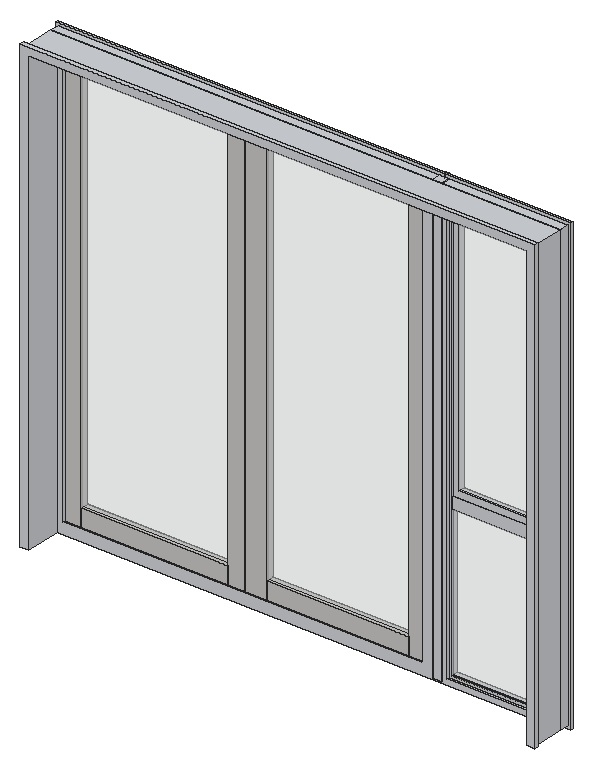
Revit family "APL Residential Thermal Heart French Door with Sidelight", category Doors, host Wall, Revit 2017 (continued)
Definition of nested family "APL Residential Thermal Heart French Door with Sidelight Vertical Section"
  Definition of nested family "Open Out Head&Sill"
    Definition of nested family "65310_Open Out Frame"
      Lines and regions (mm)
        model lines, in view "Ref. Level"
          curve 152: arc (-4.3, 23.9, 0) -> (-4.359, 24.041, 0) -> (-4.5, 24.1, 0) r 0.2
          curve 153: arc (-4.875, 24.1, 0) -> (-5.496, 24.182, 0) -> (-6.075, 24.422, 0) r 2.4
          curve 154: arc (-13.9, 27.9, 0) -> (-14.041, 27.841, 0) -> (-14.1, 27.7, 0) r 0.2
          curve 155: arc (-14.1, -0.131, 0) -> (-13.951, -0.808, 0) -> (-13.528, -1.359, 0) r 1.6
          curve 156: arc (-7.044, -6.8, 0) -> (-6.701, -6.916, 0) -> (-6.369, -6.77, 0) r 0.5
          curve 157: arc (-1.693, -2.094, 0) -> (-1.476, -1.769, 0) -> (-1.4, -1.386, 0) r 1
          curve 158: arc (-1.4, 3.2, 0) -> (-0.844, 4.544, 0) -> (0.5, 5.1, 0) r 1.9
          curve 159: arc (23.3, 5.1, 0) -> (23.441, 5.159, 0) -> (23.5, 5.3, 0) r 0.2
          curve 160: arc (23.5, 16.1, 0) -> (23.441, 16.241, 0) -> (23.3, 16.3, 0) r 0.2
          curve 161: arc (18.3, 16.3, 0) -> (18.159, 16.359, 0) -> (18.1, 16.5, 0) r 0.2
          curve 162: arc (18.1, 17.7, 0) -> (18.159, 17.841, 0) -> (18.3, 17.9, 0) r 0.2
          curve 163: arc (23.3, 17.9, 0) -> (23.441, 17.959, 0) -> (23.5, 18.1, 0) r 0.2
          curve 164: arc (23.5, 23.9, 0) -> (23.441, 24.041, 0) -> (23.3, 24.1, 0) r 0.2
          curve 165: arc (16.301, 24.1, 0) -> (16.159, 24.042, 0) -> (16.1, 23.9, 0) r 0.2
          curve 166: arc (16.1, 23.3, 0) -> (16.041, 23.159, 0) -> (15.9, 23.1, 0) r 0.2
          curve 167: arc (11.3, 23.1, 0) -> (11.159, 23.159, 0) -> (11.1, 23.3, 0) r 0.2
          curve 168: arc (11.1, 23.9, 0) -> (11.041, 24.041, 0) -> (10.9, 24.1, 0) r 0.2
          curve 169: arc (2.7, 24.1, 0) -> (2.559, 24.041, 0) -> (2.5, 23.9, 0) r 0.2
          curve 170: arc (2.5, 16.5, 0) -> (2.441, 16.359, 0) -> (2.3, 16.3, 0) r 0.2
          curve 171: arc (1.3, 16.3, 0) -> (1.159, 16.359, 0) -> (1.1, 16.5, 0) r 0.2
          curve 172: arc (1.1, 22.9, 0) -> (1.041, 23.041, 0) -> (0.9, 23.1, 0) r 0.2
          curve 173: arc (26.317, 25.5, 0) -> (26.622, 25.301, 0) -> (26.895, 25.543, 0) r 0.3
          curve 174: arc (26.895, 25.543, 0) -> (26.961, 25.681, 0) -> (27.087, 25.768, 0) r 0.3
          curve 175: arc (28.497, 26.282, 0) -> (28.783, 26.238, 0) -> (28.899, 25.974, 0) r 0.3
          curve 176: arc (28.692, 23.608, 0) -> (28.665, 23.508, 0) -> (28.605, 23.422, 0) r 0.3
          curve 177: arc (28.241, 23.059, 0) -> (28.048, 23.007, 0) -> (27.907, 23.148, 0) r 0.2
          curve 178: arc (27.862, 23.316, 0) -> (27.81, 23.405, 0) -> (27.721, 23.457, 0) r 0.2
          curve 179: arc (25.5, 24, 0) -> (25.22, 23.807, 0) -> (25.3, 23.476, 0) r 0.3
          curve 180: arc (25.3, 23.476, 0) -> (25.374, 23.375, 0) -> (25.4, 23.253, 0) r 0.3
          curve 181: arc (25.206, 19.25, 0) -> (25.242, 19.078, 0) -> (25.4, 19, 0) r 0.2
          curve 182: arc (25.921, 19, 0) -> (26.002, 19.011, 0) -> (26.077, 19.044, 0) r 0.3
          curve 183: arc (27.331, 19.809, 0) -> (27.328, 19.979, 0) -> (27.434, 20.111, 0) r 0.25
          curve 184: arc (27.52, 20.163, 0) -> (27.75, 20.179, 0) -> (27.895, 20, 0) r 0.25
          curve 185: arc (28.145, 20, 0) -> (28.286, 19.941, 0) -> (28.345, 19.8, 0) r 0.2
          curve 186: arc (28.345, 18.984, 0) -> (28.298, 18.772, 0) -> (28.165, 18.6, 0) r 0.5
          curve 187: arc (25.58, 16.446, 0) -> (25.447, 16.274, 0) -> (25.4, 16.062, 0) r 0.5
          curve 188: arc (25.4, 12.438, 0) -> (25.447, 12.226, 0) -> (25.58, 12.054, 0) r 0.5
          curve 189: arc (28.165, 9.9, 0) -> (28.298, 9.728, 0) -> (28.345, 9.516, 0) r 0.5
          curve 190: arc (28.345, 8.7, 0) -> (28.286, 8.559, 0) -> (28.145, 8.5, 0) r 0.2
          curve 191: arc (27.895, 8.5, 0) -> (27.75, 8.321, 0) -> (27.52, 8.337, 0) r 0.25
          curve 192: arc (27.434, 8.389, 0) -> (27.328, 8.521, 0) -> (27.331, 8.691, 0) r 0.25
          curve 193: arc (26.078, 9.456, 0) -> (26.002, 9.489, 0) -> (25.921, 9.5, 0) r 0.3
          curve 194: arc (25.4, 9.5, 0) -> (25.242, 9.422, 0) -> (25.206, 9.25, 0) r 0.2
          curve 195: arc (25.4, 5.247, 0) -> (25.374, 5.125, 0) -> (25.3, 5.024, 0) r 0.3
          curve 196: arc (25.3, 5.024, 0) -> (25.22, 4.693, 0) -> (25.5, 4.5, 0) r 0.3
          curve 197: arc (27.721, 5.043, 0) -> (27.81, 5.095, 0) -> (27.862, 5.184, 0) r 0.2
          curve 198: arc (27.907, 5.352, 0) -> (28.048, 5.493, 0) -> (28.241, 5.441, 0) r 0.2
          curve 199: arc (28.605, 5.078, 0) -> (28.665, 4.992, 0) -> (28.692, 4.892, 0) r 0.3
          curve 200: arc (28.899, 2.526, 0) -> (28.783, 2.262, 0) -> (28.497, 2.218, 0) r 0.3
          curve 201: arc (27.087, 2.732, 0) -> (26.961, 2.819, 0) -> (26.895, 2.957, 0) r 0.3
          curve 202: arc (26.895, 2.957, 0) -> (26.622, 3.199, 0) -> (26.317, 3, 0) r 0.3
          curve 203: arc (24, 3, 0) -> (23.704, 3.097, 0) -> (23.523, 3.35, 0) r 0.5
          curve 204: arc (23.523, 3.35, 0) -> (23.342, 3.603, 0) -> (23.046, 3.7, 0) r 0.5
          curve 205: arc (0.5, 3.7, 0) -> (0.146, 3.554, 0) -> (0, 3.2, 0) r 0.5
          curve 206: arc (0, -1.801, 0) -> (-0.107, -2.336, 0) -> (-0.41, -2.791, 0) r 1.4
          curve 207: arc (-5.407, -7.787, 0) -> (-5.624, -8.112, 0) -> (-5.7, -8.495, 0) r 1
          curve 208: arc (-5.7, -14.159, 0) -> (-5.623, -14.316, 0) -> (-5.452, -14.353, 0) r 0.2
          curve 209: arc (-5.452, -14.353, 0) -> (-4.643, -14.677, 0) -> (-4.687, -15.548, 0) r 0.75
          curve 210: arc (-4.687, -15.548, 0) -> (-5.025, -16.505, 0) -> (-4.687, -17.462, 0) r 1.525
          curve 211: arc (-4.687, -17.462, 0) -> (-4.594, -17.613, 0) -> (-4.539, -17.781, 0) r 0.75
          curve 212: arc (-4.539, -17.781, 0) -> (-4.442, -17.992, 0) -> (-4.26, -18.136, 0) r 0.5
          curve 213: arc (-4.26, -18.136, 0) -> (-3.5, -18.305, 0) -> (-2.74, -18.137, 0) r 1.8
          curve 214: arc (-2.74, -18.137, 0) -> (-2.558, -17.992, 0) -> (-2.461, -17.78, 0) r 0.5
          curve 215: arc (-2.461, -17.78, 0) -> (-2.406, -17.612, 0) -> (-2.312, -17.461, 0) r 0.737
          curve 216: arc (-2.312, -17.461, 0) -> (-1.975, -16.505, 0) -> (-2.312, -15.549, 0) r 1.525
          curve 217: arc (-2.312, -15.549, 0) -> (-2.2, -14.512, 0) -> (-1.163, -14.624, 0) r 0.737
          curve 218: arc (-1.163, -14.624, 0) -> (-0.507, -16.296, 0) -> (-0.924, -18.044, 0) r 3
          curve 219: arc (-0.924, -18.044, 0) -> (-0.93, -18.547, 0) -> (-0.495, -18.8, 0) r 0.5
          curve 220: arc (-0.2, -18.8, 0) -> (-0.059, -18.859, 0) -> (0, -19, 0) r 0.2
          curve 221: arc (0, -19.8, 0) -> (-0.059, -19.941, 0) -> (-0.2, -20, 0) r 0.2
          curve 222: arc (-6, -20, 0) -> (-6.707, -19.707, 0) -> (-7, -19, 0) r 1
          curve 223: arc (-7, -10.063, 0) -> (-7.281, -8.795, 0) -> (-8.072, -7.765, 0) r 3
          curve 224: arc (-14.428, -2.431, 0) -> (-15.219, -1.401, 0) -> (-15.5, -0.133, 0) r 3
          curve 225: arc (-15.5, 33, 0) -> (-15.207, 33.707, 0) -> (-14.5, 34, 0) r 1
          curve 226: arc (-12.1, 34, 0) -> (-11.393, 33.707, 0) -> (-11.1, 33, 0) r 1
          curve 227: arc (-11.1, 32.9, 0) -> (-11.188, 32.688, 0) -> (-11.4, 32.6, 0) r 0.3
          curve 228: arc (-12.1, 29.3, 0) -> (-11.738, 29.252, 0) -> (-11.4, 29.112, 0) r 1.4
          curve 229: arc (-5.375, 25.634, 0) -> (-5.134, 25.534, 0) -> (-4.875, 25.5, 0) r 1
          curve 230: line (0.9, 23.1, 0) -> (-4.1, 23.1, 0)
          curve 231: line (-4.3, 23.3, 0) -> (-4.3, 23.9, 0)
          curve 232: line (-4.5, 24.1, 0) -> (-4.875, 24.1, 0)
          curve 233: line (-6.075, 24.422, 0) -> (-12.054, 27.873, 0)
          curve 234: line (-12.054, 27.873, 0) -> (-13.9, 27.9, 0)
          curve 235: line (-14.1, 27.7, 0) -> (-14.1, -0.131, 0)
          curve 236: line (-13.528, -1.359, 0) -> (-7.044, -6.8, 0)
          curve 237: line (-6.369, -6.77, 0) -> (-1.693, -2.094, 0)
          curve 238: line (-1.4, -1.386, 0) -> (-1.4, 3.2, 0)
          curve 239: line (0.5, 5.1, 0) -> (23.3, 5.1, 0)
          curve 240: line (23.5, 5.3, 0) -> (23.5, 16.1, 0)
          curve 241: line (23.3, 16.3, 0) -> (18.3, 16.3, 0)
          curve 242: line (18.1, 16.5, 0) -> (18.1, 17.7, 0)
          curve 243: line (18.3, 17.9, 0) -> (23.3, 17.9, 0)
          curve 244: line (23.5, 18.1, 0) -> (23.5, 23.9, 0)
          curve 245: line (23.3, 24.1, 0) -> (16.301, 24.1, 0)
          curve 246: line (16.1, 23.9, 0) -> (16.1, 23.3, 0)
          curve 247: line (15.9, 23.1, 0) -> (11.3, 23.1, 0)
          curve 248: line (11.1, 23.3, 0) -> (11.1, 23.9, 0)
          curve 249: line (10.9, 24.1, 0) -> (2.7, 24.1, 0)
          curve 250: line (2.5, 23.9, 0) -> (2.5, 16.5, 0)
          curve 251: line (2.3, 16.3, 0) -> (1.3, 16.3, 0)
          curve 252: line (1.1, 16.5, 0) -> (1.1, 22.9, 0)
          curve 253: line (27.087, 25.768, 0) -> (28.497, 26.282, 0)
          curve 254: line (28.899, 25.974, 0) -> (28.692, 23.608, 0)
          curve 255: line (28.605, 23.422, 0) -> (28.241, 23.059, 0)
          curve 256: line (27.907, 23.148, 0) -> (27.862, 23.316, 0)
          curve 257: line (27.862, 23.316, 0) -> (25.732, 23.99, 0)
          curve 258: line (25.732, 23.99, 0) -> (25.5, 24, 0)
          curve 259: line (25.4, 23.253, 0) -> (25.4, 20.025, 0)
          curve 260: line (25.4, 20.025, 0) -> (25.206, 19.25, 0)
          curve 261: line (25.4, 19, 0) -> (25.921, 19, 0)
          curve 262: line (25.921, 19, 0) -> (27.331, 19.809, 0)
          curve 263: line (27.895, 20, 0) -> (28.145, 20, 0)
          curve 264: line (28.345, 19.8, 0) -> (28.345, 18.984, 0)
          curve 265: line (28.165, 18.6, 0) -> (25.58, 16.446, 0)
          curve 266: line (25.4, 16.062, 0) -> (25.4, 12.438, 0)
          curve 267: line (25.58, 12.054, 0) -> (28.165, 9.9, 0)
          curve 268: line (28.345, 9.516, 0) -> (28.345, 8.7, 0)
          curve 269: line (28.145, 8.5, 0) -> (27.895, 8.5, 0)
          curve 270: line (27.331, 8.691, 0) -> (26.078, 9.456, 0)
          curve 271: line (26.078, 9.456, 0) -> (25.4, 9.5, 0)
          curve 272: line (25.206, 9.25, 0) -> (25.394, 8.525, 0)
          curve 273: line (25.394, 8.525, 0) -> (25.4, 5.247, 0)
          curve 274: line (25.654, 4.5, 0) -> (27.721, 5.043, 0)
          curve 275: line (27.721, 5.043, 0) -> (27.907, 5.352, 0)
          curve 276: line (28.241, 5.441, 0) -> (28.605, 5.078, 0)
          curve 277: line (28.692, 4.892, 0) -> (28.899, 2.526, 0)
          curve 278: line (28.497, 2.218, 0) -> (27.087, 2.732, 0)
          curve 279: line (26.317, 3, 0) -> (24, 3, 0)
          curve 280: line (23.046, 3.7, 0) -> (17.783, 3.7, 0)
          curve 281: line (17.783, 3.7, 0) -> (17.559, 3.559, 0)
          curve 282: line (17.559, 3.559, 0) -> (12.4, 3.5, 0)
          curve 283: line (12.4, 3.5, 0) -> (12, 3.9, 0)
          curve 284: line (12, 3.9, 0) -> (11.6, 3.5, 0)
          curve 285: line (11.6, 3.5, 0) -> (6.583, 3.5, 0)
          curve 286: line (6.583, 3.5, 0) -> (6.359, 3.641, 0)
          curve 287: line (6.359, 3.641, 0) -> (0.5, 3.7, 0)
          curve 288: line (0, 3.2, 0) -> (0, -1.801, 0)
          curve 289: line (-0.41, -2.791, 0) -> (-5.407, -7.787, 0)
          curve 290: line (-5.7, -8.495, 0) -> (-5.7, -14.159, 0)
          curve 291: line (-0.495, -18.8, 0) -> (-0.2, -18.8, 0)
          curve 292: line (0, -19, 0) -> (0, -19.8, 0)
          curve 293: line (-0.2, -20, 0) -> (-6, -20, 0)
          curve 294: line (-7, -19, 0) -> (-7, -10.063, 0)
          curve 295: line (-8.072, -7.765, 0) -> (-14.428, -2.431, 0)
          curve 296: line (-15.5, -0.133, 0) -> (-15.5, 33, 0)
          curve 297: line (-14.5, 34, 0) -> (-12.1, 34, 0)
          curve 298: line (-11.4, 32.6, 0) -> (-14.1, 32.6, 0)
          curve 299: line (-14.1, 32.6, 0) -> (-14.1, 29.3, 0)
          curve 300: line (-14.1, 29.3, 0) -> (-12.1, 29.3, 0)
          curve 301: line (-11.4, 29.112, 0) -> (-5.375, 25.634, 0)
          curve 302: line (-4.875, 25.5, 0) -> (-2, 25.5, 0)
          curve 303: line (-2, 25.5, 0) -> (-1.6, 25.1, 0)
          curve 304: line (-1.6, 25.1, 0) -> (-1.2, 25.5, 0)
          curve 305: line (-1.2, 25.5, 0) -> (4.1, 25.5, 0)
          curve 306: line (4.1, 25.5, 0) -> (4.5, 25.1, 0)
          curve 307: line (4.5, 25.1, 0) -> (4.9, 25.5, 0)
          curve 308: line (4.9, 25.5, 0) -> (26.317, 25.5, 0)
          curve 309: arc (25.4, 19.939, 0) -> (25.517, 19.656, 0) -> (25.8, 19.539, 0) r 0.4
          curve 310: arc (26.093, 19.539, 0) -> (26.196, 19.553, 0) -> (26.293, 19.593, 0) r 0.4
          curve 311: arc (27.821, 20.478, 0) -> (28.111, 20.598, 0) -> (28.422, 20.639, 0) r 1.2
          curve 312: arc (29.345, 20.639, 0) -> (29.918, 20.82, 0) -> (30.284, 21.297, 0) r 1
          curve 313: arc (31.077, 23.476, 0) -> (31.224, 23.667, 0) -> (31.453, 23.739, 0) r 0.4
          curve 314: arc (37.947, 23.739, 0) -> (38.176, 23.667, 0) -> (38.323, 23.476, 0) r 0.4
          curve 315: arc (39.116, 21.297, 0) -> (39.482, 20.82, 0) -> (40.055, 20.639, 0) r 1
          curve 316: arc (40.978, 20.639, 0) -> (41.289, 20.598, 0) -> (41.579, 20.478, 0) r 1.2
          curve 317: arc (43.107, 19.593, 0) -> (43.204, 19.553, 0) -> (43.307, 19.539, 0) r 0.4
          curve 318: arc (43.6, 19.539, 0) -> (43.883, 19.656, 0) -> (44, 19.939, 0) r 0.4
          curve 319: arc (44, 23.339, 0) -> (43.883, 23.622, 0) -> (43.6, 23.739, 0) r 0.4
          curve 320: arc (43.307, 23.739, 0) -> (43.204, 23.725, 0) -> (43.107, 23.685, 0) r 0.4
          curve 321: arc (41.579, 22.801, 0) -> (41.285, 22.679, 0) -> (40.97, 22.639, 0) r 1.2
          curve 322: arc (40.97, 22.639, 0) -> (40.795, 22.692, 0) -> (40.684, 22.836, 0) r 0.3
          curve 323: arc (39.796, 25.276, 0) -> (39.649, 25.467, 0) -> (39.42, 25.539, 0) r 0.4
          curve 324: arc (29.98, 25.539, 0) -> (29.751, 25.467, 0) -> (29.604, 25.276, 0) r 0.4
          curve 325: arc (28.716, 22.836, 0) -> (28.605, 22.692, 0) -> (28.43, 22.639, 0) r 0.3
          curve 326: arc (28.43, 22.639, 0) -> (28.115, 22.679, 0) -> (27.821, 22.801, 0) r 1.2
          curve 327: arc (26.293, 23.685, 0) -> (26.196, 23.725, 0) -> (26.093, 23.739, 0) r 0.4
          curve 328: arc (25.8, 23.739, 0) -> (25.517, 23.622, 0) -> (25.4, 23.339, 0) r 0.4
          curve 329: line (25.8, 19.539, 0) -> (26.093, 19.539, 0)
          curve 330: line (26.293, 19.593, 0) -> (27.821, 20.478, 0)
          curve 331: line (28.422, 20.639, 0) -> (29.345, 20.639, 0)
          curve 332: line (30.284, 21.297, 0) -> (31.077, 23.476, 0)
          curve 333: line (31.453, 23.739, 0) -> (37.947, 23.739, 0)
          curve 334: line (38.323, 23.476, 0) -> (39.116, 21.297, 0)
          curve 335: line (40.055, 20.639, 0) -> (40.978, 20.639, 0)
          curve 336: line (41.579, 20.478, 0) -> (43.107, 19.593, 0)
          curve 337: line (43.307, 19.539, 0) -> (43.6, 19.539, 0)
          curve 338: line (44, 19.939, 0) -> (44, 23.339, 0)
          curve 339: line (43.6, 23.739, 0) -> (43.307, 23.739, 0)
          curve 340: line (43.107, 23.685, 0) -> (41.579, 22.801, 0)
          curve 341: line (40.684, 22.836, 0) -> (39.796, 25.276, 0)
          curve 342: line (39.42, 25.539, 0) -> (29.98, 25.539, 0)
          curve 343: line (29.604, 25.276, 0) -> (28.716, 22.836, 0)
          curve 344: line (27.821, 22.801, 0) -> (26.293, 23.685, 0)
          curve 345: line (26.093, 23.739, 0) -> (25.8, 23.739, 0)
          curve 346: line (25.4, 23.339, 0) -> (25.4, 19.939, 0)
      Text (mm)
        text "65310" at (6.108, 51.612, 0), in view "Ref. Level"
    Definition of nested family "65200_Rail"
      Reference planes
        plane 1 "Center (Front/Back)": y = 0
        plane 2: z = 0
        plane 3 "Center (Left/Right)": x = 0
      Lines and regions (mm)
        model lines, in view "Ref. Level"
          curve 1: arc (21.508, 72.285, 0) -> (21.289, 71.405, 0) -> (21.948, 70.781, 0) r 0.9
          curve 2: arc (21.948, 70.781, 0) -> (22.059, 70.711, 0) -> (22.103, 70.587, 0) r 0.2
          curve 3: arc (22.103, 69.98, 0) -> (22.249, 69.626, 0) -> (22.603, 69.48, 0) r 0.5
          curve 4: arc (26.4, 69.48, 0) -> (26.754, 69.626, 0) -> (26.9, 69.98, 0) r 0.5
          curve 5: arc (26.9, 72.45, 0) -> (26.772, 72.668, 0) -> (26.519, 72.663, 0) r 0.25
          curve 6: arc (26.434, 72.611, 0) -> (26.328, 72.479, 0) -> (26.331, 72.309, 0) r 0.25
          curve 7: arc (25.077, 71.544, 0) -> (25.002, 71.511, 0) -> (24.921, 71.5, 0) r 0.3
          curve 8: arc (24.4, 71.5, 0) -> (24.242, 71.578, 0) -> (24.206, 71.75, 0) r 0.2
          curve 9: arc (24.4, 75.753, 0) -> (24.374, 75.875, 0) -> (24.3, 75.976, 0) r 0.3
          curve 10: arc (24.3, 75.976, 0) -> (24.22, 76.307, 0) -> (24.5, 76.5, 0) r 0.3
          curve 11: arc (26.721, 75.957, 0) -> (26.81, 75.905, 0) -> (26.862, 75.816, 0) r 0.2
          curve 12: arc (26.907, 75.648, 0) -> (27.048, 75.507, 0) -> (27.241, 75.559, 0) r 0.2
          curve 13: arc (27.605, 75.922, 0) -> (27.665, 76.008, 0) -> (27.692, 76.108, 0) r 0.3
          curve 14: arc (27.899, 78.474, 0) -> (27.783, 78.738, 0) -> (27.497, 78.782, 0) r 0.3
          curve 15: arc (26.087, 78.268, 0) -> (25.961, 78.181, 0) -> (25.895, 78.043, 0) r 0.3
          curve 16: arc (25.895, 78.043, 0) -> (25.622, 77.801, 0) -> (25.317, 78, 0) r 0.3
          curve 17: arc (9.5, 78, 0) -> (9.359, 77.941, 0) -> (9.3, 77.8, 0) r 0.2
          curve 18: arc (9.3, 77.5, 0) -> (9.38, 77.2, 0) -> (9.6, 76.98, 0) r 0.6
          curve 19: arc (10.7, 76.345, 0) -> (10.773, 76.272, 0) -> (10.8, 76.172, 0) r 0.2
          curve 20: arc (10.8, 72.08, 0) -> (10.507, 71.373, 0) -> (9.8, 71.08, 0) r 1
          curve 21: arc (2.42, 71.08, 0) -> (1.721, 71.366, 0) -> (1.421, 72.06, 0) r 1
          curve 22: arc (1.322, 76.935, 0) -> (1.357, 77.052, 0) -> (1.453, 77.127, 0) r 0.2
          curve 23: arc (1.453, 77.127, 0) -> (1.621, 77.234, 0) -> (1.725, 77.403, 0) r 0.45
          curve 24: arc (1.725, 77.403, 0) -> (1.729, 77.522, 0) -> (1.665, 77.621, 0) r 0.2
          curve 25: arc (0.2, 78, 0) -> (0.059, 77.941, 0) -> (0, 77.8, 0) r 0.2
          curve 26: arc (0, 0.501, 0) -> (0.146, 0.147, 0) -> (0.5, 0, 0) r 0.5
          curve 27: arc (1, 0, 0) -> (1.354, 0.146, 0) -> (1.5, 0.5, 0) r 0.5
          curve 28: arc (1.5, 10.66, 0) -> (1.559, 10.801, 0) -> (1.7, 10.86, 0) r 0.2
          curve 29: arc (31.317, 10.86, 0) -> (31.622, 11.059, 0) -> (31.895, 10.817, 0) r 0.3
          curve 30: arc (31.895, 10.817, 0) -> (31.961, 10.679, 0) -> (32.087, 10.592, 0) r 0.3
          curve 31: arc (33.497, 10.078, 0) -> (33.783, 10.122, 0) -> (33.899, 10.386, 0) r 0.3
          curve 32: arc (33.692, 12.752, 0) -> (33.665, 12.852, 0) -> (33.605, 12.938, 0) r 0.3
          curve 33: arc (33.241, 13.301, 0) -> (33.048, 13.353, 0) -> (32.907, 13.212, 0) r 0.2
          curve 34: arc (32.862, 13.044, 0) -> (32.81, 12.955, 0) -> (32.721, 12.903, 0) r 0.2
          curve 35: arc (30.5, 12.36, 0) -> (30.22, 12.553, 0) -> (30.3, 12.884, 0) r 0.3
          curve 36: arc (30.3, 12.884, 0) -> (30.374, 12.985, 0) -> (30.4, 13.107, 0) r 0.3
          curve 37: arc (30.206, 17.11, 0) -> (30.242, 17.282, 0) -> (30.4, 17.36, 0) r 0.2
          curve 38: arc (30.921, 17.36, 0) -> (31.002, 17.349, 0) -> (31.077, 17.316, 0) r 0.3
          curve 39: arc (32.331, 16.551, 0) -> (32.328, 16.381, 0) -> (32.434, 16.249, 0) r 0.25
          curve 40: arc (32.519, 16.197, 0) -> (32.772, 16.192, 0) -> (32.9, 16.41, 0) r 0.25
          curve 41: arc (32.9, 18.88, 0) -> (32.754, 19.234, 0) -> (32.4, 19.38, 0) r 0.5
          curve 42: arc (29, 19.38, 0) -> (28.646, 19.234, 0) -> (28.5, 18.88, 0) r 0.5
          curve 43: arc (28.5, 12.96, 0) -> (28.354, 12.606, 0) -> (28, 12.46, 0) r 0.5
          curve 44: arc (23.847, 12.46, 0) -> (23.416, 12.707, 0) -> (23.41, 13.203, 0) r 0.5
          curve 45: arc (23.41, 13.203, 0) -> (23.869, 15.613, 0) -> (22.798, 17.82, 0) r 3.9
          curve 46: arc (22.798, 17.82, 0) -> (21.525, 17.837, 0) -> (21.508, 16.565, 0) r 0.9
          curve 47: arc (21.508, 16.565, 0) -> (22.103, 15.1, 0) -> (21.508, 13.635, 0) r 2.1
          curve 48: arc (21.508, 13.635, 0) -> (21.382, 13.473, 0) -> (21.297, 13.286, 0) r 0.9
          curve 49: arc (21.297, 13.286, 0) -> (21.199, 13.114, 0) -> (21.043, 12.993, 0) r 0.5
          curve 50: arc (21.043, 12.993, 0) -> (20.003, 12.75, 0) -> (18.962, 12.993, 0) r 2.35
          curve 51: arc (18.962, 12.993, 0) -> (18.806, 13.114, 0) -> (18.708, 13.286, 0) r 0.5
          curve 52: arc (18.708, 13.286, 0) -> (18.623, 13.473, 0) -> (18.498, 13.635, 0) r 0.9
          curve 53: arc (18.498, 13.635, 0) -> (17.903, 15.1, 0) -> (18.498, 16.565, 0) r 2.1
          curve 54: arc (18.498, 16.565, 0) -> (18.48, 17.837, 0) -> (17.208, 17.82, 0) r 0.9
          curve 55: arc (17.208, 17.82, 0) -> (16.136, 15.613, 0) -> (16.595, 13.203, 0) r 3.9
          curve 56: arc (16.595, 13.203, 0) -> (16.589, 12.707, 0) -> (16.158, 12.46, 0) r 0.5
          curve 57: arc (2.1, 12.46, 0) -> (1.746, 12.606, 0) -> (1.6, 12.96, 0) r 0.5
          curve 58: arc (1.6, 68.98, 0) -> (1.746, 69.334, 0) -> (2.1, 69.48, 0) r 0.5
          curve 59: arc (9.8, 69.48, 0) -> (11.638, 70.242, 0) -> (12.4, 72.08, 0) r 2.6
          curve 60: arc (12.4, 75.9, 0) -> (12.546, 76.254, 0) -> (12.9, 76.4, 0) r 0.5
          curve 61: line (22.103, 70.587, 0) -> (22.103, 69.98, 0)
          curve 62: line (22.603, 69.48, 0) -> (26.4, 69.48, 0)
          curve 63: line (26.9, 69.98, 0) -> (26.9, 72.45, 0)
          curve 64: line (26.331, 72.309, 0) -> (25.077, 71.544, 0)
          curve 65: line (25.077, 71.544, 0) -> (24.4, 71.5, 0)
          curve 66: line (24.206, 71.75, 0) -> (24.394, 72.475, 0)
          curve 67: line (24.394, 72.475, 0) -> (24.4, 75.753, 0)
          curve 68: line (24.654, 76.5, 0) -> (26.721, 75.957, 0)
          curve 69: line (26.721, 75.957, 0) -> (26.907, 75.648, 0)
          curve 70: line (27.241, 75.559, 0) -> (27.605, 75.922, 0)
          curve 71: line (27.692, 76.108, 0) -> (27.899, 78.474, 0)
          curve 72: line (27.497, 78.782, 0) -> (26.087, 78.268, 0)
          curve 73: line (25.317, 78, 0) -> (9.5, 78, 0)
          curve 74: line (9.3, 77.8, 0) -> (9.3, 77.5, 0)
          curve 75: line (9.6, 76.98, 0) -> (10.7, 76.345, 0)
          curve 76: line (10.8, 76.172, 0) -> (10.8, 72.08, 0)
          curve 77: line (9.8, 71.08, 0) -> (2.42, 71.08, 0)
          curve 78: line (1.421, 72.06, 0) -> (1.322, 76.935, 0)
          curve 79: line (1.665, 77.621, 0) -> (1.269, 77.953, 0)
          curve 80: line (1.269, 77.953, 0) -> (0.2, 78, 0)
          curve 81: line (0, 77.8, 0) -> (0, 0.501, 0)
          curve 82: line (0.5, 0, 0) -> (1, 0, 0)
          curve 83: line (1.5, 0.5, 0) -> (1.5, 10.66, 0)
          curve 84: line (1.7, 10.86, 0) -> (31.317, 10.86, 0)
          curve 85: line (32.087, 10.592, 0) -> (33.497, 10.078, 0)
          curve 86: line (33.899, 10.386, 0) -> (33.692, 12.752, 0)
          curve 87: line (33.605, 12.938, 0) -> (33.241, 13.301, 0)
          curve 88: line (32.907, 13.212, 0) -> (32.862, 13.044, 0)
          curve 89: line (32.862, 13.044, 0) -> (30.732, 12.37, 0)
          curve 90: line (30.732, 12.37, 0) -> (30.5, 12.36, 0)
          curve 91: line (30.4, 13.107, 0) -> (30.4, 16.335, 0)
          curve 92: line (30.4, 16.335, 0) -> (30.206, 17.11, 0)
          curve 93: line (30.4, 17.36, 0) -> (30.921, 17.36, 0)
          curve 94: line (30.921, 17.36, 0) -> (32.331, 16.551, 0)
          curve 95: line (32.9, 16.41, 0) -> (32.9, 18.88, 0)
          curve 96: line (32.4, 19.38, 0) -> (29, 19.38, 0)
          curve 97: line (28.5, 18.88, 0) -> (28.5, 12.96, 0)
          curve 98: line (28, 12.46, 0) -> (23.847, 12.46, 0)
          curve 99: line (16.158, 12.46, 0) -> (2.1, 12.46, 0)
          curve 100: line (1.6, 12.96, 0) -> (1.6, 68.98, 0)
          curve 101: line (2.1, 69.48, 0) -> (9.8, 69.48, 0)
          curve 102: line (12.4, 72.08, 0) -> (12.4, 75.9, 0)
          curve 103: line (12.9, 76.4, 0) -> (16.164, 76.4, 0)
          curve 104: arc (16.164, 76.4, 0) -> (16.595, 76.153, 0) -> (16.6, 75.656, 0) r 0.5
          curve 105: arc (16.6, 75.656, 0) -> (16.136, 73.242, 0) -> (17.208, 71.03, 0) r 3.9
          curve 106: arc (17.208, 71.03, 0) -> (18.48, 71.013, 0) -> (18.498, 72.285, 0) r 0.9
          curve 107: arc (18.498, 72.285, 0) -> (17.903, 73.75, 0) -> (18.498, 75.215, 0) r 2.1
          curve 108: arc (18.498, 75.215, 0) -> (18.623, 75.377, 0) -> (18.708, 75.564, 0) r 0.9
          curve 109: arc (18.708, 75.564, 0) -> (18.806, 75.736, 0) -> (18.962, 75.857, 0) r 0.5
          curve 110: arc (18.962, 75.857, 0) -> (20.003, 76.1, 0) -> (21.043, 75.857, 0) r 2.35
          curve 111: arc (21.043, 75.857, 0) -> (21.199, 75.736, 0) -> (21.297, 75.564, 0) r 0.5
          curve 112: arc (21.297, 75.564, 0) -> (21.382, 75.377, 0) -> (21.508, 75.215, 0) r 0.9
          curve 113: arc (21.508, 75.215, 0) -> (22.103, 73.75, 0) -> (21.508, 72.285, 0) r 2.1
          curve 114: arc (30.4, 16.46, 0) -> (30.517, 16.743, 0) -> (30.8, 16.86, 0) r 0.4
          curve 115: arc (31.093, 16.86, 0) -> (31.196, 16.846, 0) -> (31.293, 16.806, 0) r 0.4
          curve 116: arc (32.821, 15.921, 0) -> (33.111, 15.801, 0) -> (33.422, 15.76, 0) r 1.2
          curve 117: arc (34.345, 15.76, 0) -> (34.918, 15.579, 0) -> (35.284, 15.102, 0) r 1
          curve 118: arc (36.077, 12.923, 0) -> (36.224, 12.732, 0) -> (36.453, 12.66, 0) r 0.4
          curve 119: arc (42.947, 12.66, 0) -> (43.176, 12.732, 0) -> (43.323, 12.923, 0) r 0.4
          curve 120: arc (44.116, 15.102, 0) -> (44.482, 15.579, 0) -> (45.055, 15.76, 0) r 1
          curve 121: arc (45.978, 15.76, 0) -> (46.289, 15.801, 0) -> (46.579, 15.921, 0) r 1.2
          curve 122: arc (48.107, 16.806, 0) -> (48.204, 16.846, 0) -> (48.307, 16.86, 0) r 0.4
          curve 123: arc (48.6, 16.86, 0) -> (48.883, 16.743, 0) -> (49, 16.46, 0) r 0.4
          curve 124: arc (49, 13.06, 0) -> (48.883, 12.777, 0) -> (48.6, 12.66, 0) r 0.4
          curve 125: arc (48.307, 12.66, 0) -> (48.204, 12.674, 0) -> (48.107, 12.714, 0) r 0.4
          curve 126: arc (46.579, 13.599, 0) -> (46.285, 13.72, 0) -> (45.97, 13.76, 0) r 1.2
          curve 127: arc (45.97, 13.76, 0) -> (45.795, 13.707, 0) -> (45.684, 13.563, 0) r 0.3
          curve 128: arc (44.796, 11.123, 0) -> (44.649, 10.932, 0) -> (44.42, 10.86, 0) r 0.4
          curve 129: arc (34.98, 10.86, 0) -> (34.751, 10.932, 0) -> (34.604, 11.123, 0) r 0.4
          curve 130: arc (33.716, 13.563, 0) -> (33.605, 13.707, 0) -> (33.43, 13.76, 0) r 0.3
          curve 131: arc (33.43, 13.76, 0) -> (33.115, 13.72, 0) -> (32.821, 13.599, 0) r 1.2
          curve 132: arc (31.293, 12.714, 0) -> (31.196, 12.674, 0) -> (31.093, 12.66, 0) r 0.4
          curve 133: arc (30.8, 12.66, 0) -> (30.517, 12.777, 0) -> (30.4, 13.06, 0) r 0.4
          curve 134: line (30.8, 16.86, 0) -> (31.093, 16.86, 0)
          curve 135: line (31.293, 16.806, 0) -> (32.821, 15.921, 0)
          curve 136: line (33.422, 15.76, 0) -> (34.345, 15.76, 0)
          curve 137: line (35.284, 15.102, 0) -> (36.077, 12.923, 0)
          curve 138: line (36.453, 12.66, 0) -> (42.947, 12.66, 0)
          curve 139: line (43.323, 12.923, 0) -> (44.116, 15.102, 0)
          curve 140: line (45.055, 15.76, 0) -> (45.978, 15.76, 0)
          curve 141: line (46.579, 15.921, 0) -> (48.107, 16.806, 0)
          curve 142: line (48.307, 16.86, 0) -> (48.6, 16.86, 0)
          curve 143: line (49, 16.46, 0) -> (49, 13.06, 0)
          curve 144: line (48.6, 12.66, 0) -> (48.307, 12.66, 0)
          curve 145: line (48.107, 12.714, 0) -> (46.579, 13.599, 0)
          curve 146: line (45.684, 13.563, 0) -> (44.796, 11.123, 0)
          curve 147: line (44.42, 10.86, 0) -> (34.98, 10.86, 0)
          curve 148: line (34.604, 11.123, 0) -> (33.716, 13.563, 0)
          curve 149: line (32.821, 13.599, 0) -> (31.293, 12.714, 0)
          curve 150: line (31.093, 12.66, 0) -> (30.8, 12.66, 0)
          curve 151: line (30.4, 13.06, 0) -> (30.4, 16.46, 0)
          curve 152: arc (24.4, 72.4, 0) -> (24.517, 72.117, 0) -> (24.8, 72, 0) r 0.4
          curve 153: arc (25.093, 72, 0) -> (25.196, 72.014, 0) -> (25.293, 72.054, 0) r 0.4
          curve 154: arc (26.821, 72.939, 0) -> (27.111, 73.059, 0) -> (27.422, 73.1, 0) r 1.2
          curve 155: arc (28.345, 73.1, 0) -> (28.918, 73.281, 0) -> (29.284, 73.758, 0) r 1
          curve 156: arc (30.077, 75.937, 0) -> (30.224, 76.128, 0) -> (30.453, 76.2, 0) r 0.4
          curve 157: arc (36.947, 76.2, 0) -> (37.176, 76.128, 0) -> (37.323, 75.937, 0) r 0.4
          curve 158: arc (38.116, 73.758, 0) -> (38.482, 73.281, 0) -> (39.055, 73.1, 0) r 1
          curve 159: arc (39.978, 73.1, 0) -> (40.289, 73.059, 0) -> (40.579, 72.939, 0) r 1.2
          curve 160: arc (42.107, 72.054, 0) -> (42.204, 72.014, 0) -> (42.307, 72, 0) r 0.4
          curve 161: arc (42.6, 72, 0) -> (42.883, 72.117, 0) -> (43, 72.4, 0) r 0.4
          curve 162: arc (43, 75.8, 0) -> (42.883, 76.083, 0) -> (42.6, 76.2, 0) r 0.4
          curve 163: arc (42.307, 76.2, 0) -> (42.204, 76.186, 0) -> (42.107, 76.146, 0) r 0.4
          curve 164: arc (40.579, 75.261, 0) -> (40.285, 75.14, 0) -> (39.97, 75.1, 0) r 1.2
          curve 165: arc (39.97, 75.1, 0) -> (39.795, 75.153, 0) -> (39.684, 75.297, 0) r 0.3
          curve 166: arc (38.796, 77.737, 0) -> (38.649, 77.928, 0) -> (38.42, 78, 0) r 0.4
          curve 167: arc (28.98, 78, 0) -> (28.751, 77.928, 0) -> (28.604, 77.737, 0) r 0.4
          curve 168: arc (27.716, 75.297, 0) -> (27.605, 75.153, 0) -> (27.43, 75.1, 0) r 0.3
          curve 169: arc (27.43, 75.1, 0) -> (27.115, 75.14, 0) -> (26.821, 75.261, 0) r 1.2
          curve 170: arc (25.293, 76.146, 0) -> (25.196, 76.186, 0) -> (25.093, 76.2, 0) r 0.4
          curve 171: arc (24.8, 76.2, 0) -> (24.517, 76.083, 0) -> (24.4, 75.8, 0) r 0.4
          curve 172: line (24.8, 72, 0) -> (25.093, 72, 0)
          curve 173: line (25.293, 72.054, 0) -> (26.821, 72.939, 0)
          curve 174: line (27.422, 73.1, 0) -> (28.345, 73.1, 0)
          curve 175: line (29.284, 73.758, 0) -> (30.077, 75.937, 0)
          curve 176: line (30.453, 76.2, 0) -> (36.947, 76.2, 0)
          curve 177: line (37.323, 75.937, 0) -> (38.116, 73.758, 0)
          curve 178: line (39.055, 73.1, 0) -> (39.978, 73.1, 0)
          curve 179: line (40.579, 72.939, 0) -> (42.107, 72.054, 0)
          curve 180: line (42.307, 72, 0) -> (42.6, 72, 0)
          curve 181: line (43, 72.4, 0) -> (43, 75.8, 0)
          curve 182: line (42.6, 76.2, 0) -> (42.307, 76.2, 0)
          curve 183: line (42.107, 76.146, 0) -> (40.579, 75.261, 0)
          curve 184: line (39.684, 75.297, 0) -> (38.796, 77.737, 0)
          curve 185: line (38.42, 78, 0) -> (28.98, 78, 0)
          curve 186: line (28.604, 77.737, 0) -> (27.716, 75.297, 0)
          curve 187: line (26.821, 75.261, 0) -> (25.293, 76.146, 0)
          curve 188: line (25.093, 76.2, 0) -> (24.8, 76.2, 0)
          curve 189: line (24.4, 75.8, 0) -> (24.4, 72.4, 0)
          curve 190: arc (44.4, 69.6, 0) -> (44.754, 69.746, 0) -> (44.9, 70.1, 0) r 0.5
          curve 191: arc (44.9, 76.091, 0) -> (44.955, 76.318, 0) -> (45.108, 76.496, 0) r 0.5
          curve 192: arc (45.108, 76.496, 0) -> (45.336, 76.687, 0) -> (45.535, 76.908, 0) r 2.1
          curve 193: arc (45.535, 76.908, 0) -> (45.71, 77.049, 0) -> (45.929, 77.1, 0) r 0.5
          curve 194: arc (49, 77.1, 0) -> (49.354, 76.954, 0) -> (49.5, 76.6, 0) r 0.5
          curve 195: arc (49.5, 23.4, 0) -> (49.354, 23.046, 0) -> (49, 22.9, 0) r 0.5
          curve 196: arc (44.8, 22.9, 0) -> (44.659, 22.841, 0) -> (44.6, 22.7, 0) r 0.2
          curve 197: arc (44.6, 21.1, 0) -> (44.659, 20.959, 0) -> (44.8, 20.9, 0) r 0.2
          curve 198: arc (49.295, 20.9, 0) -> (49.436, 20.841, 0) -> (49.495, 20.7, 0) r 0.2
          curve 199: arc (49.495, 19.46, 0) -> (49.436, 19.319, 0) -> (49.295, 19.26, 0) r 0.2
          curve 200: arc (47.809, 19.26, 0) -> (47.674, 19.241, 0) -> (47.549, 19.187, 0) r 0.5
          curve 201: arc (46.979, 18.839, 0) -> (46.628, 18.475, 0) -> (46.5, 17.986, 0) r 1
          curve 202: arc (46.5, 16.41, 0) -> (46.628, 16.192, 0) -> (46.88, 16.197, 0) r 0.25
          curve 203: arc (46.966, 16.249, 0) -> (47.072, 16.381, 0) -> (47.069, 16.551, 0) r 0.25
          curve 204: arc (48.323, 17.316, 0) -> (48.398, 17.349, 0) -> (48.479, 17.36, 0) r 0.3
          curve 205: arc (49, 17.36, 0) -> (49.158, 17.282, 0) -> (49.194, 17.11, 0) r 0.2
          curve 206: arc (49, 13.107, 0) -> (49.026, 12.985, 0) -> (49.1, 12.884, 0) r 0.3
          curve 207: arc (49.1, 12.884, 0) -> (49.18, 12.553, 0) -> (48.9, 12.36, 0) r 0.3
          curve 208: arc (46.679, 12.903, 0) -> (46.59, 12.955, 0) -> (46.538, 13.044, 0) r 0.2
          curve 209: arc (46.493, 13.212, 0) -> (46.352, 13.353, 0) -> (46.159, 13.301, 0) r 0.2
          curve 210: arc (45.795, 12.938, 0) -> (45.735, 12.852, 0) -> (45.708, 12.752, 0) r 0.3
          curve 211: arc (45.501, 10.386, 0) -> (45.617, 10.122, 0) -> (45.903, 10.078, 0) r 0.3
          curve 212: arc (47.313, 10.592, 0) -> (47.439, 10.679, 0) -> (47.505, 10.817, 0) r 0.3
          curve 213: arc (47.505, 10.817, 0) -> (47.778, 11.059, 0) -> (48.083, 10.86, 0) r 0.3
          curve 214: arc (49.4, 10.86, 0) -> (49.754, 10.714, 0) -> (49.9, 10.36, 0) r 0.5
          curve 215: arc (49.9, 0.5, 0) -> (50.046, 0.146, 0) -> (50.4, 0, 0) r 0.5
          curve 216: arc (50.9, 0, 0) -> (51.254, 0.146, 0) -> (51.4, 0.5, 0) r 0.5
          curve 217: arc (51.4, 96.5, 0) -> (51.254, 96.854, 0) -> (50.9, 97, 0) r 0.5
          curve 218: arc (43, 97, 0) -> (42.646, 96.854, 0) -> (42.5, 96.5, 0) r 0.5
          curve 219: arc (42.5, 95.25, 0) -> (43, 94.75, 0) -> (43.5, 95.25, 0) r 0.5
          curve 220: arc (43.5, 95.8, 0) -> (43.559, 95.941, 0) -> (43.7, 96, 0) r 0.2
          curve 221: arc (44.8, 96, 0) -> (44.941, 95.941, 0) -> (45, 95.8, 0) r 0.2
          curve 222: arc (45, 90.7, 0) -> (44.941, 90.559, 0) -> (44.8, 90.5, 0) r 0.2
          curve 223: arc (43.7, 90.5, 0) -> (43.559, 90.559, 0) -> (43.5, 90.7, 0) r 0.2
          curve 224: arc (43.5, 91.25, 0) -> (43, 91.75, 0) -> (42.5, 91.25, 0) r 0.5
          curve 225: arc (42.5, 89.7, 0) -> (42.559, 89.559, 0) -> (42.7, 89.5, 0) r 0.2
          curve 226: arc (46.3, 89.5, 0) -> (46.441, 89.559, 0) -> (46.5, 89.7, 0) r 0.2
          curve 227: arc (46.5, 95, 0) -> (46.646, 95.354, 0) -> (47, 95.5, 0) r 0.5
          curve 228: arc (49, 95.5, 0) -> (49.354, 95.354, 0) -> (49.5, 95, 0) r 0.5
          curve 229: arc (49.5, 79.5, 0) -> (49.354, 79.146, 0) -> (49, 79, 0) r 0.5
          curve 230: arc (44.88, 79, 0) -> (44.739, 78.941, 0) -> (44.68, 78.8, 0) r 0.2
          curve 231: arc (44.68, 78.2, 0) -> (44.621, 78.059, 0) -> (44.48, 78, 0) r 0.2
          curve 232: arc (42.083, 78, 0) -> (41.778, 77.801, 0) -> (41.505, 78.043, 0) r 0.3
          curve 233: arc (41.505, 78.043, 0) -> (41.439, 78.181, 0) -> (41.313, 78.268, 0) r 0.3
          curve 234: arc (39.903, 78.782, 0) -> (39.617, 78.738, 0) -> (39.501, 78.474, 0) r 0.3
          curve 235: arc (39.708, 76.108, 0) -> (39.735, 76.008, 0) -> (39.795, 75.922, 0) r 0.3
          curve 236: arc (40.159, 75.559, 0) -> (40.352, 75.507, 0) -> (40.493, 75.648, 0) r 0.2
          curve 237: arc (40.538, 75.816, 0) -> (40.59, 75.905, 0) -> (40.679, 75.957, 0) r 0.2
          curve 238: arc (42.9, 76.5, 0) -> (43.18, 76.307, 0) -> (43.1, 75.976, 0) r 0.3
          curve 239: arc (43.1, 75.976, 0) -> (43.026, 75.875, 0) -> (43, 75.753, 0) r 0.3
          curve 240: arc (43.194, 71.75, 0) -> (43.158, 71.578, 0) -> (43, 71.5, 0) r 0.2
          curve 241: arc (42.479, 71.5, 0) -> (42.398, 71.511, 0) -> (42.323, 71.544, 0) r 0.3
          curve 242: arc (41.069, 72.309, 0) -> (41.072, 72.479, 0) -> (40.966, 72.611, 0) r 0.25
          curve 243: arc (40.88, 72.663, 0) -> (40.628, 72.668, 0) -> (40.5, 72.45, 0) r 0.25
          curve 244: arc (40.5, 70.874, 0) -> (40.628, 70.385, 0) -> (40.979, 70.021, 0) r 1
          curve 245: arc (41.549, 69.673, 0) -> (41.674, 69.619, 0) -> (41.809, 69.6, 0) r 0.5
          curve 246: line (44.9, 70.1, 0) -> (44.9, 76.091, 0)
          curve 247: line (45.929, 77.1, 0) -> (49, 77.1, 0)
          curve 248: line (49.5, 76.6, 0) -> (49.5, 23.4, 0)
          curve 249: line (49, 22.9, 0) -> (44.8, 22.9, 0)
          curve 250: line (44.6, 22.7, 0) -> (44.6, 21.1, 0)
          curve 251: line (44.8, 20.9, 0) -> (49.295, 20.9, 0)
          curve 252: line (49.495, 20.7, 0) -> (49.495, 19.46, 0)
          curve 253: line (49.295, 19.26, 0) -> (47.809, 19.26, 0)
          curve 254: line (47.549, 19.187, 0) -> (46.979, 18.839, 0)
          curve 255: line (46.5, 17.986, 0) -> (46.5, 16.41, 0)
          curve 256: line (47.069, 16.551, 0) -> (48.323, 17.316, 0)
          curve 257: line (48.323, 17.316, 0) -> (49, 17.36, 0)
          curve 258: line (49.194, 17.11, 0) -> (49.006, 16.385, 0)
          curve 259: line (49.006, 16.385, 0) -> (49, 13.107, 0)
          curve 260: line (48.746, 12.36, 0) -> (46.679, 12.903, 0)
          curve 261: line (46.679, 12.903, 0) -> (46.493, 13.212, 0)
          curve 262: line (46.159, 13.301, 0) -> (45.795, 12.938, 0)
          curve 263: line (45.708, 12.752, 0) -> (45.501, 10.386, 0)
          curve 264: line (45.903, 10.078, 0) -> (47.313, 10.592, 0)
          curve 265: line (48.083, 10.86, 0) -> (49.4, 10.86, 0)
          curve 266: line (49.9, 10.36, 0) -> (49.9, 0.5, 0)
          curve 267: line (50.4, 0, 0) -> (50.9, 0, 0)
          curve 268: line (51.4, 0.5, 0) -> (51.4, 96.5, 0)
          curve 269: line (43, 97, 0) -> (50.9, 97, 0)
          curve 270: line (50.9, 97, 0) -> (43, 97, 0)
          curve 271: line (42.5, 96.5, 0) -> (42.5, 95.25, 0)
          curve 272: line (43.5, 95.25, 0) -> (43.5, 95.8, 0)
          curve 273: line (43.7, 96, 0) -> (44.8, 96, 0)
          curve 274: line (45, 95.8, 0) -> (45, 90.7, 0)
          curve 275: line (44.8, 90.5, 0) -> (43.7, 90.5, 0)
          curve 276: line (43.5, 90.7, 0) -> (43.5, 91.25, 0)
          curve 277: line (42.5, 91.25, 0) -> (42.5, 89.7, 0)
          curve 278: line (42.7, 89.5, 0) -> (46.3, 89.5, 0)
          curve 279: line (46.5, 89.7, 0) -> (46.5, 95, 0)
          curve 280: line (47, 95.5, 0) -> (49, 95.5, 0)
          curve 281: line (49.5, 95, 0) -> (49.5, 79.5, 0)
          curve 282: line (49, 79, 0) -> (44.88, 79, 0)
          curve 283: line (44.68, 78.8, 0) -> (44.68, 78.2, 0)
          curve 284: line (44.48, 78, 0) -> (42.083, 78, 0)
          curve 285: line (41.313, 78.268, 0) -> (39.903, 78.782, 0)
          curve 286: line (39.501, 78.474, 0) -> (39.708, 76.108, 0)
          curve 287: line (39.795, 75.922, 0) -> (40.159, 75.559, 0)
          curve 288: line (40.493, 75.648, 0) -> (40.538, 75.816, 0)
          curve 289: line (40.538, 75.816, 0) -> (42.668, 76.49, 0)
          curve 290: line (42.668, 76.49, 0) -> (42.9, 76.5, 0)
          curve 291: line (43, 75.753, 0) -> (43, 72.525, 0)
          curve 292: line (43, 72.525, 0) -> (43.194, 71.75, 0)
          curve 293: line (43, 71.5, 0) -> (42.479, 71.5, 0)
          curve 294: line (42.479, 71.5, 0) -> (41.069, 72.309, 0)
          curve 295: line (40.5, 72.45, 0) -> (40.5, 70.874, 0)
          curve 296: line (40.979, 70.021, 0) -> (41.549, 69.673, 0)
          curve 297: line (41.809, 69.6, 0) -> (44.4, 69.6, 0)
      Text (mm)
        text "65200" at (8.462, 126.741, 0), in view "Ref. Level"
  Definition of nested family "Glazing Bead"
    Parameters (values of type "Glazing Bead")
      Glass Lenght [instance] = 50 mm
    Reference planes
      plane 1 "Center (Front/Back)": y = 0
      plane 2: z = 0
      plane 3 "Center (Left/Right)": x = 0
      plane 4: y = -50
    Lines and regions (mm)
      Filled region 1, type "Solid Fill - Black", in view "Ref. Level"
        outline origin (0, 0, 0) x (1, 0, 0) y (0, 1, 0)
          loop
            line (4, 0) -> (4, -12) -> (20, -12) -> (20, 0) -> (4, 0)
      model lines, in view "Ref. Level"
        curve 1: line (4, -12, 0) -> (20, -12, 0)
        curve 2: line (0, -50, 0) -> (0, 0, 0)
        curve 3: line (0, 0, 0) -> (24, 0, 0)
        curve 4: line (24, 0, 0) -> (24, -50, 0)
        curve 5: line (20, 0, 0) -> (20, -50, 0)
        curve 6: line (4, 0, 0) -> (4, -50, 0)
      detail lines, in view "Ref. Level"
        curve 7: arc (-0.25, -4.9, 0) -> (0, -5.15, 0) -> (-0.25, -5.4, 0) r 0.25
        curve 8: arc (-0.25, -8.45, 0) -> (0, -8.7, 0) -> (-0.25, -8.95, 0) r 0.25
        curve 9: arc (-0.25, -9.619, 0) -> (0, -9.869, 0) -> (-0.25, -10.119, 0) r 0.25
        curve 10: arc (-0.25, -10.787, 0) -> (0, -11.037, 0) -> (-0.25, -11.287, 0) r 0.25
        curve 11: line (-0.25, -12.456, 0) -> (-1, -12.456, 0)
        curve 12: line (-1, -12.456, 0) -> (-1, -8.45, 0)
        curve 13: line (-1, -8.45, 0) -> (-2.2, -8.45, 0)
        curve 14: line (-2.2, -8.45, 0) -> (-2.2, -9.2, 0)
        curve 15: line (-2.2, -9.2, 0) -> (-2.8, -9.2, 0)
        curve 16: line (-2.8, -9.2, 0) -> (-2.8, -6.1, 0)
        curve 17: line (-2.8, -6.1, 0) -> (-2.2, -6.1, 0)
        curve 18: line (-2.2, -6.1, 0) -> (-2.2, -6.85, 0)
        curve 19: line (-2.2, -6.85, 0) -> (-1, -6.85, 0)
        curve 20: line (-1, -6.85, 0) -> (-1, -4.9, 0)
        curve 21: line (-1, -4.9, 0) -> (-0.25, -4.9, 0)
        curve 22: line (-0.25, -5.4, 0) -> (-0.25, -8.45, 0)
        curve 23: line (-0.25, -8.95, 0) -> (-0.25, -9.619, 0)
        curve 24: line (-0.25, -10.119, 0) -> (-0.25, -10.787, 0)
        curve 25: line (-0.25, -11.287, 0) -> (-0.25, -11.956, 0)
        curve 26: arc (-0.25, -11.956, 0) -> (0, -12.206, 0) -> (-0.25, -12.456, 0) r 0.25
      detail lines, in view "Ref. Level", not visible
        curve 27: arc (-0.25, -4.9, 0) -> (0, -5.15, 0) -> (-0.25, -5.4, 0) r 0.25
        curve 28: arc (-0.25, -8.45, 0) -> (0, -8.7, 0) -> (-0.25, -8.95, 0) r 0.25
        curve 29: arc (-0.25, -9.619, 0) -> (0, -9.869, 0) -> (-0.25, -10.119, 0) r 0.25
        curve 30: arc (-0.25, -10.787, 0) -> (0, -11.037, 0) -> (-0.25, -11.287, 0) r 0.25
        curve 31: line (-0.25, -12.456, 0) -> (-1, -12.456, 0)
        curve 32: line (-1, -12.456, 0) -> (-1, -8.45, 0)
        curve 33: line (-1, -8.45, 0) -> (-2.2, -8.45, 0)
        curve 34: line (-2.2, -8.45, 0) -> (-2.2, -9.2, 0)
        curve 35: line (-2.2, -9.2, 0) -> (-2.8, -9.2, 0)
        curve 36: line (-2.8, -9.2, 0) -> (-2.8, -6.1, 0)
        curve 37: line (-2.8, -6.1, 0) -> (-2.2, -6.1, 0)
        curve 38: line (-2.2, -6.1, 0) -> (-2.2, -6.85, 0)
        curve 39: line (-2.2, -6.85, 0) -> (-1, -6.85, 0)
        curve 40: line (-1, -6.85, 0) -> (-1, -4.9, 0)
        curve 41: line (-1, -4.9, 0) -> (-0.25, -4.9, 0)
        curve 42: line (-0.25, -5.4, 0) -> (-0.25, -8.45, 0)
        curve 43: line (-0.25, -8.95, 0) -> (-0.25, -9.619, 0)
        curve 44: line (-0.25, -10.119, 0) -> (-0.25, -10.787, 0)
        curve 45: line (-0.25, -11.287, 0) -> (-0.25, -11.956, 0)
        curve 46: arc (-0.25, -11.956, 0) -> (0, -12.206, 0) -> (-0.25, -12.456, 0) r 0.25
        curve 47: arc (62.983, -3.041, 0) -> (62.673, -2.901, 0) -> (62.511, -3.2, 0) r 0.25
        curve 48: arc (62.537, -13.088, 0) -> (62.7, -13.387, 0) -> (63.01, -13.247, 0) r 0.25
        curve 49: line (62.511, -3.2, 0) -> (63.505, -7.068, 0)
        curve 50: line (63.505, -7.068, 0) -> (62.502, -7.647, 0)
        curve 51: line (62.502, -7.647, 0) -> (62.502, -8.647, 0)
        curve 52: line (62.502, -8.647, 0) -> (63.527, -9.239, 0)
        curve 53: line (63.527, -9.239, 0) -> (62.537, -13.088, 0)
        curve 54: line (63.01, -13.247, 0) -> (64.734, -9.147, 0)
        curve 55: line (64.734, -9.147, 0) -> (66.002, -9.147, 0)
        curve 56: line (66.002, -9.147, 0) -> (66.002, -10.397, 0)
        curve 57: line (66.002, -10.397, 0) -> (67.002, -10.397, 0)
        curve 58: line (67.002, -10.397, 0) -> (67.002, -5.897, 0)
        curve 59: line (67.002, -5.897, 0) -> (66.002, -5.897, 0)
        curve 60: line (66.002, -5.897, 0) -> (66.002, -7.147, 0)
        curve 61: line (66.002, -7.147, 0) -> (64.71, -7.147, 0)
        curve 62: line (64.71, -7.147, 0) -> (62.983, -3.041, 0)
    Dimensions and locks
      "Glass Lenght": plane 1 "Center (Front/Back)" to plane 4
      aligned and locked: plane 4 to curve 2
      aligned and locked: plane 1 "Center (Front/Back)" to Filled region 1 sketch curve
      aligned and locked: Filled region 1 sketch curve to curve 6
      aligned and locked: Filled region 1 sketch curve to curve 1
      aligned and locked: Filled region 1 sketch curve to curve 5
    Automatic sketch dimensions
      plane 1 "Center (Front/Back)" to curve 2 = 0 mm
      curve 2 to plane 3 "Center (Left/Right)" = 0 mm
      curve 6 to plane 4 = 0 mm
      curve 5 to plane 4 = 0 mm
      curve 4 to plane 4 = 0 mm
      curve 5 to curve 3 = 4 mm
      plane 3 "Center (Left/Right)" to curve 1 = 4 mm
      curve 6 to curve 5 = 16 mm
      plane 1 "Center (Front/Back)" to curve 1 = 12 mm
    Nested families
      nested 1: "65015_Bead" at (-15.5, 6.328, 0), type "65015_Bead", in view "Ref. Level"
    Definition of nested family "65015_Bead"
      Reference planes
        plane 1 "Center (Front/Back)": y = 0
        plane 2: z = 0
        plane 3 "Center (Left/Right)": x = 0
      Lines and regions (mm)
        model lines, in view "Ref. Level"
          curve 1: arc (13.5, 12.78, 0) -> (13.558, 12.92, 0) -> (13.698, 12.978, 0) r 0.198
          curve 2: arc (14.302, 12.978, 0) -> (14.442, 12.918, 0) -> (14.5, 12.777, 0) r 0.201
          curve 3: arc (14.5, 10.175, 0) -> (14.442, 10.036, 0) -> (14.302, 9.978, 0) r 0.198
          curve 4: arc (13.698, 9.978, 0) -> (13.558, 10.036, 0) -> (13.5, 10.175, 0) r 0.198
          curve 5: arc (13.5, 11.027, 0) -> (13.442, 11.169, 0) -> (13.3, 11.228, 0) r 0.2
          curve 6: arc (12.7, 11.228, 0) -> (11.851, 11.579, 0) -> (11.5, 12.428, 0) r 1.2
          curve 7: arc (11.5, 13.628, 0) -> (11.377, 13.813, 0) -> (11.159, 13.769, 0) r 0.2
          curve 8: arc (1.546, 4.157, 0) -> (1.438, 3.995, 0) -> (1.4, 3.804, 0) r 0.5
          curve 9: arc (1.4, 1.817, 0) -> (1.467, 1.567, 0) -> (1.65, 1.384, 0) r 0.5
          curve 10: arc (10.675, -3.827, 0) -> (10.913, -4.714, 0) -> (10.025, -4.952, 0) r 0.65
          curve 11: arc (3.306, -1.073, 0) -> (2.928, -1.023, 0) -> (2.624, -1.254, 0) r 0.5
          curve 12: arc (2.587, -2.129, 0) -> (2.248, -2.45, 0) -> (1.791, -2.352, 0) r 0.5
          curve 13: arc (1.518, -2.123, 0) -> (1.466, -2.054, 0) -> (1.447, -1.97, 0) r 0.2
          curve 14: arc (1.447, -1.115, 0) -> (1.476, -1.011, 0) -> (1.555, -0.938, 0) r 0.2
          curve 15: arc (1.555, -0.938, 0) -> (1.717, -0.809, 0) -> (1.82, -0.63, 0) r 0.55
          curve 16: arc (1.82, -0.63, 0) -> (1.825, -0.452, 0) -> (1.729, -0.302, 0) r 0.3
          curve 17: arc (0.2, 0, 0) -> (0.059, 0.059, 0) -> (0, 0.2, 0) r 0.2
          curve 18: arc (0, 4.383, 0) -> (0.038, 4.575, 0) -> (0.146, 4.737, 0) r 0.5
          curve 19: arc (14.159, 18.749, 0) -> (14.377, 18.792, 0) -> (14.5, 18.608, 0) r 0.2
          curve 20: arc (14.5, 15.172, 0) -> (14.442, 15.034, 0) -> (14.303, 14.978, 0) r 0.194
          curve 21: arc (13.698, 14.978, 0) -> (13.559, 15.038, 0) -> (13.5, 15.177, 0) r 0.203
          curve 22: arc (13.5, 15.528, 0) -> (13.441, 15.669, 0) -> (13.3, 15.728, 0) r 0.201
          curve 23: arc (12.7, 15.728, 0) -> (12.559, 15.669, 0) -> (12.5, 15.528, 0) r 0.2
          curve 24: arc (12.5, 12.428, 0) -> (12.559, 12.286, 0) -> (12.7, 12.228, 0) r 0.2
          curve 25: line (13.5, 12.428, 0) -> (13.5, 12.78, 0)
          curve 26: line (13.698, 12.978, 0) -> (14.302, 12.978, 0)
          curve 27: line (14.5, 12.777, 0) -> (14.5, 10.175, 0)
          curve 28: line (14.302, 9.978, 0) -> (13.698, 9.978, 0)
          curve 29: line (13.5, 10.175, 0) -> (13.5, 11.027, 0)
          curve 30: line (13.3, 11.228, 0) -> (12.7, 11.228, 0)
          curve 31: line (11.5, 12.428, 0) -> (11.5, 13.628, 0)
          curve 32: line (11.159, 13.769, 0) -> (1.546, 4.157, 0)
          curve 33: line (1.4, 3.804, 0) -> (1.4, 1.817, 0)
          curve 34: line (1.65, 1.384, 0) -> (10.675, -3.827, 0)
          curve 35: line (10.025, -4.952, 0) -> (3.306, -1.073, 0)
          curve 36: line (2.597, -1.355, 0) -> (2.597, -2.065, 0)
          curve 37: line (1.791, -2.352, 0) -> (1.518, -2.123, 0)
          curve 38: line (1.518, -2.123, 0) -> (1.447, -1.115, 0)
          curve 39: line (1.729, -0.302, 0) -> (1.425, -0.047, 0)
          curve 40: line (1.425, -0.047, 0) -> (0.2, 0, 0)
          curve 41: line (0, 0.2, 0) -> (0, 4.383, 0)
          curve 42: line (0.146, 4.737, 0) -> (14.159, 18.749, 0)
          curve 43: line (14.5, 18.608, 0) -> (14.5, 15.172, 0)
          curve 44: line (14.303, 14.978, 0) -> (13.698, 14.978, 0)
          curve 45: line (13.5, 15.177, 0) -> (13.5, 15.528, 0)
          curve 46: line (13.3, 15.728, 0) -> (12.7, 15.728, 0)
          curve 47: line (12.5, 15.528, 0) -> (12.5, 12.428, 0)
          curve 48: line (12.7, 12.228, 0) -> (13.3, 12.228, 0)
          curve 49: arc (13.3, 12.228, 0) -> (13.441, 12.286, 0) -> (13.5, 12.428, 0) r 0.2
      Text (mm)
        text "65015" at (32.01, 10.207, 0), in view "Ref. Level"
Definition of nested family "APL Residential Thermal Heart French Door with Sidelight Horizontal Section"
  Parameters (values of type "Groove")
    Sidelight Length [instance] = 600 mm
    Liner End [instance] = 10 mm
    Liner Block = Liner : Liner
    Liner [instance] = 100 mm
    Jamb Liner 2 = yes
    Jamb Liner 1 = yes
    Groove [instance] = 10 mm
    Glass Lenth 2 [instance] = ((Box Width - Sidelight Length) / 2) - 221 mm  # 229 mm
    Glass Length 1 [instance] = ((Box Width - Sidelight Length) / 2) - 230 mm  # 220 mm
    Glass Length [instance] = Sidelight Length - 230 mm  # 370 mm
    Box Width [instance] = 1500 mm
    90 [instance] = yes
    45 [instance] = yes
  Types (2, lengths in mm): name | Liner Block
    Groove | Liner : Liner
    No Groove | Liner No Groove : Liner No Groove
  Reference planes
    plane 1 "Center (Front/Back)": y = 14.873
    plane 2: z = 0
    plane 3 "Center (Left/Right)": x = -408.614
    plane 4: x = -1308.614
    plane 5: x = 191.386
    plane 6: y = 60.873
    plane 7: y = 60.873
    plane 8: x = 198.886
    plane 9: y = 19.873
    plane 10: x = -858.614
  Dimensions and locks
    "Liner": plane 7 to nested 1
    "Liner": nested 2 to plane 6
    locked: plane 5 to plane 8 at 7.5
    locked: plane 4 to nested 4 at 116.675
    "Box Width": plane 4 to plane 5
    locked: nested 3 to nested 4 at 6.328
    plane 9 to plane 1 "Center (Front/Back)" = 5 mm
    locked: nested 1 to nested 3 at 32.3
    locked: nested 6 to nested 7 at 6.4
    "Sidelight Length": plane 3 "Center (Left/Right)" to plane 5
    equal spacing: plane 4, plane 10, plane 3 "Center (Left/Right)"
    nested 8 to plane 10 to nested 7 = 83.4 mm locked, 83.346 mm locked
    locked: nested 8 to nested 6 at 6.346
    nested 11 to plane 3 "Center (Left/Right)" to nested 11 = 43.55 mm locked, 43.55 mm locked
    locked: nested 5 to nested 11 at 6.328
    nested 5 to plane 3 "Center (Left/Right)" to nested 12 = 137.878 mm locked, 72.5 mm locked
    locked: nested 11 to nested 12 at 6
    locked: nested 10 to nested 9 at 6
    locked: nested 10 to plane 5 at 51
    locked: nested 9 to nested 2 at 14.6
    aligned and locked: plane 5 to nested 9
  Nested families
    nested 1: "Liner" at (-1287.616, 60.873, 0) x (0, 1, 0) z (0, 0, 1), type <- "Liner Block", End Liner <- "Liner End", Groove <- "Groove", visible <- "Jamb Liner 2", type "Liner", in view "Ref. Level", detail levels fine
      with built-in parameter 1001306 0.32808 (stored number, unit not read)
    nested 2: "Liner" at (170.986, 60.873, 0) x (0, 1, 0) z (0, 0, 1), visible <- "Jamb Liner 2", type <- "Liner Block", type "Liner", in view "Ref. Level", detail levels fine
      with built-in parameter 1001306 0.32808 (stored number, unit not read)
    nested 3: "Open Out Jamb&Hinge" at (-1307.617, 14.173, 0), type "Jamb with Hinge", in view "Ref. Level", detail levels fine
    nested 4: "Glazing Bead" at (-1191.939, 16.913, 0) x (0, 1, 0) z (0, 0, 1), Glass Lenght <- "Glass Length 1", type "DG", in view "Ref. Level", detail levels fine
      with Glass Lenght 220 mm
    nested 5: "Glazing Bead" at (-546.491, 16.913, 0) x (0, 1, 0) z (0, 0, 1), Glass Lenght <- "Glass Lenth 2", type "DG", in view "Ref. Level", detail levels fine
      with Glass Lenght 229 mm
